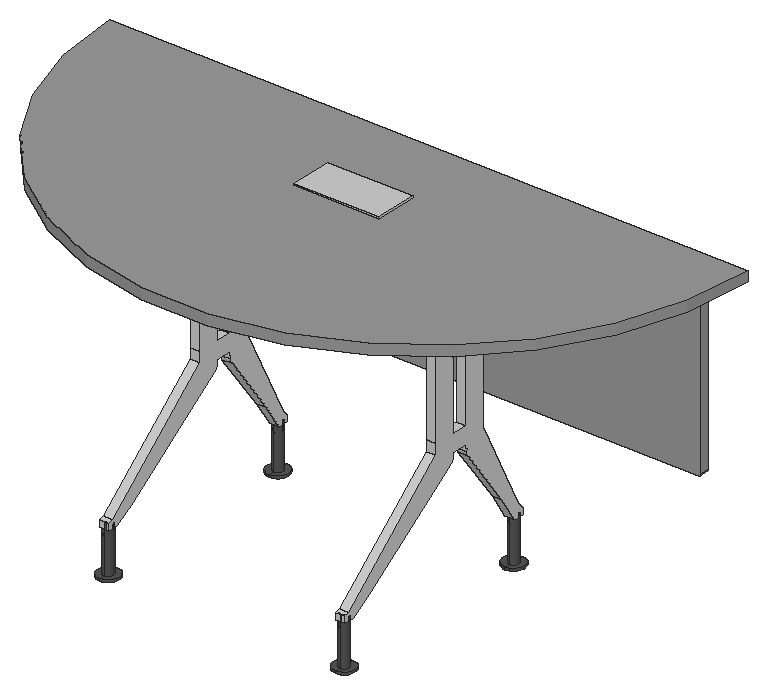
Revit family "Haworth_Planes_TrainingTable_HalfRound_AP_PRELIMINARY", category Furniture, Revit 2019
Family settings
  OmniClass Number = 23.40.70.14.64.21
  OmniClass Title = Systems Furniture
  Work Plane-Based = No
  Always vertical = Yes
  Cut with Voids When Loaded = No
  Shared = No
  Room Calculation Point = No
Parameters (values of type "1500w x 750d")
  With Screen = yes
  Warranty = "http://www.haworth.com/resources/product-info/warranties"
  URL - Product = "https://www.haworth.com/ap/en/products/conference-tables/planes-0.html"
  Trim Finish = Haworth _ Polymer _ Undecided
  Top Finish [instance] = Haworth _ Laminate _ Undecided _ Tables
  Support Finish [instance] = Haworth _ Paint _ Undecided _ Table
  Screen Width = Actual Width - 190 mm  # 1310 mm
  Screen Finish [instance] = Haworth _ Fabric _ Undecided _ Screen
  Model = "WOPLTRF"  # constant formula
  Leg Height = Actual Height - 25 mm  # 715 mm
  Glides = yes
  Flip Top Finish = Haworth _ Paint _ Undecided _ Table
  Flip Top = yes
  Description = "Haworth - Planes - Training Table - Half-Round"  # constant formula
  URL = "https://www.haworth.com/ap/en.html"
  Size = "Verify Final Dim. w/ Haworth"  # constant formula
  Revision Number = "1"  # constant formula
  Manufacturer = "Haworth"  # constant formula
  Casters = not(Glides)  # no
  Caster Finish = Haworth _ Polymer _ Black
  Base Width = 1000 mm  # constant formula
  Author = "Haworth (Abd Rahman)"  # constant formula
  Assembly Code = "E2020200"
  Actual Width = 1500 mm  # constant formula
  Actual Height = 740 mm  # constant formula
  Actual Depth = 750 mm  # constant formula
Reference planes
  plane 1 "Center F/B": y = 0
  plane 2: z = 0
  plane 3 "Top": z = 740
  plane 4: x = 0
  plane 5: z = 715
  plane 6: x = -500
  plane 7: x = 500
  plane 8: y = 375
  plane 9: y = -375
  plane 10: y = -325
  plane 11: x = 300
  plane 12: y = 325
  plane 13: x = -300
  plane 14: y = 102.482
  plane 15: x = 200
  plane 16: x = -200
  plane 17: z = 689.941
  plane 18: x = -750
  plane 19: x = 750
Dimensions and locks
  "Actual Height": plane 3 "Top" to level
  "Base Width": plane 6 to plane 7
  equal spacing: plane 6, plane 4, plane 7
  equal spacing: plane 8, plane 1 "Center F/B", plane 9
  "Actual Depth": plane 8 to plane 9
  locked: plane 3 "Top" to plane 5 at 25
  plane 6 to plane 13 = 200 mm
  plane 11 to plane 7 = 200 mm
  locked: plane 10 to plane 9 at 50
  locked: plane 12 to plane 8 at 50
  locked: plane 1 "Center F/B" to plane 14 at 102.482
  plane 15 to plane 7 = 300 mm
  plane 6 to plane 16 = 300 mm
  locked: plane 5 to plane 17 at 25.059
  "Actual Width": plane 18 to plane 19
  aligned and locked: nested 2 to plane 4
  aligned and locked: plane 1 "Center F/B" to nested 2
  aligned and locked: level to nested 4
  aligned and locked: level to nested 3
  aligned and locked: nested 1 to plane 4
  aligned and locked: plane 8 to nested 1
  aligned and locked: nested 6 to plane 4
  aligned and locked: plane 1 "Center F/B" to nested 4
  aligned and locked: nested 4 to plane 11
  aligned and locked: plane 1 "Center F/B" to nested 3
  aligned and locked: plane 13 to nested 3
  aligned and locked: plane 14 to nested 5
  aligned and locked: nested 6 to plane 14
  aligned and locked: nested 7 to plane 15
  aligned and locked: plane 1 "Center F/B" to nested 7
  aligned and locked: nested 8 to plane 16
  aligned and locked: nested 8 to plane 1 "Center F/B"
  aligned and locked: nested 5 to plane 4
Nested families
  nested 1: "Haworth_Planes_ModestyPanel-PART" at (0, -16, -463.707), Screen Finish <- "Screen Finish", Trim Finish <- "Trim Finish", visible <- "With Screen", type "Modesty Panel"
    with Trim Finish Haworth _ Polymer _ Undecided, Screen Finish Haworth _ Fabric _ Undecided _ Screen, Actual Width 1310 mm
  nested 2: "Haworth_Planes_Top_Training_HalfRound_AP-PART" at (556.859, 72.1, 5), Top Finish <- "Top Finish", type "Training Table - Top"
    with Top Finish Haworth _ Laminate _ Undecided _ Tables, Cascade no
  nested 3: "Haworth_Planes_YLeg_Linear-PART" at (-754, 29.1, 0.293), Support Finish <- "Support Finish", type "Leg"
    with Support Finish Haworth _ Paint _ Undecided _ Table, Glides yes, Casters no
  nested 4: "Haworth_Planes_YLeg_Linear-PART" at (-200, 29.1, 0.293), Support Finish <- "Support Finish", type "Leg"
    with Support Finish Haworth _ Paint _ Undecided _ Table, Glides yes, Casters no
  nested 5: "Haworth_Planes_Beam_Understructure-PART" at (0, 131.582, -25.059), Support Finish <- "Support Finish", type "Beam Understructure"
    with Support Finish Haworth _ Paint _ Undecided _ Table, Actual Width 550 mm
  nested 6: "Haworth-Flip Top" at (-14.487, 151.149, -60), visible <- "Flip Top", type "Flip Top - Visio"
    with Actual Width 200 mm, Actual Depth 100 mm
  nested 7: "Haworth_Planes_DeskUnderstructure-PART" at (200, 29.1, 0), Support Finish <- "Support Finish", type "Desk Understructure"
    with Support Finish Haworth _ Paint _ Undecided _ Table
  nested 8: "Haworth_Planes_DeskUnderstructure-PART" at (-200, 29.1, 0) x (-1, 0, 0) z (0, 0, 1), Support Finish <- "Support Finish", type "Desk Understructure"
    with Support Finish Haworth _ Paint _ Undecided _ Table
Definition of nested family "Haworth_Planes_ModestyPanel-PART"
  Parameters (values of type "Modesty Panel")
    Warranty = "http://www.haworth.com/resources/product-info/warranties"
    URL - Product = "\"Haworth - Planes - Modesty Panel\""
    URL = "https://www.haworth.com/eu/en.html"
    Trim Finish [instance] = none
    Thickness = 32 mm  # constant formula
    Size = "Verify Final Dim. w/ Haworth"  # constant formula
    Screen Finish [instance] = none
    Revision Number = ""
    Model = "Haworth - Planes - Modesty Panel"  # constant formula
    Manufacturer = "Haworth"  # constant formula
    Description = "Haworth - Planes - Modesty Panel"  # constant formula
    Author = "Haworth (Abd Rahman)"  # constant formula
    Assembly Code = ""
    Actual Width = 1300 mm
    Actual Height = 400 mm
    Actual Depth = 20 mm  # constant formula
  Reference planes
    plane 1 "Center F/B": y = 381
    plane 2: z = 0
    plane 3 "Center L/R": x = 0
    plane 4 "Table Front": y = 391
    plane 5 "Table Right": x = 650
    plane 6 "Table Left": x = -650
    plane 7 "Table Back": y = 371
    plane 8: z = 745.582
    plane 9: z = 1145.582
    plane 10: x = 400.779
    plane 11: x = -400.779
    plane 12: z = 1178.707
    plane 13: y = 399.573
  Forms (mm)
    Extrusion 1, solid, material <- "Screen Finish"
      sketch origin (0, 391, 0) x (-1, 0, 0) y (0, 0, 1)
        loop
          line (645, 1145.582) -> (-645, 1145.582)
          arc (-645, 1145.582) -> (-648.536, 1144.118) -> (-650, 1140.582) r 5
          line (-650, 1140.582) -> (-650, 750.582)
          arc (-650, 750.582) -> (-648.536, 747.047) -> (-645, 745.582) r 5
          line (-645, 745.582) -> (645, 745.582)
          arc (645, 745.582) -> (648.536, 747.047) -> (650, 750.582) r 5
          line (650, 750.582) -> (650, 1140.582)
          arc (650, 1140.582) -> (648.536, 1144.118) -> (645, 1145.582) r 5
      from -20 to 0
  Lines and regions (mm)
    Masking region 1
      outline origin (0, 0, 0) x (1, 0, 0) y (0, 1, 0)
        loop
          line (-650, 391) -> (-650, 371) -> (650, 371) -> (650, 391) -> (-650, 391)
  Dimensions and locks
    "Actual Depth": plane 7 "Table Back" to plane 4 "Table Front"
    "Actual Width": plane 6 "Table Left" to plane 5 "Table Right"
    equal spacing: plane 6 "Table Left", plane 3 "Center L/R", plane 5 "Table Right"
    equal spacing: plane 4 "Table Front", plane 1 "Center F/B", plane 7 "Table Back"
    "Actual Height": plane 9 to plane 8
    locked: plane 11 to plane 6 "Table Left" at 249.221
    locked: plane 10 to plane 5 "Table Right" at 249.221
    plane 12 to plane 9 = 33.125 mm
    aligned and locked: Extrusion 1 sketch curve to plane 5 "Table Right"
    aligned and locked: plane 8 to Extrusion 1 sketch curve
    aligned and locked: nested 1 to plane 10
    aligned and locked: nested 2 to plane 11
    aligned and locked: plane 4 "Table Front" to Extrusion 1
    aligned and locked: plane 7 "Table Back" to Extrusion 1
    aligned and locked: plane 12 to nested 1
    aligned and locked: plane 12 to nested 2
    aligned and locked: plane 13 to nested 2
    aligned and locked: plane 13 to nested 1
    aligned and locked: plane 6 "Table Left" to Masking region 1 sketch curve
    aligned and locked: Masking region 1 sketch curve to plane 7 "Table Back"
    aligned and locked: plane 5 "Table Right" to Masking region 1 sketch curve
    aligned and locked: Masking region 1 sketch curve to plane 4 "Table Front"
  Automatic sketch dimensions
    plane 5 "Table Right" to Extrusion 1 sketch curve = 5 mm  (x2)
    Extrusion 1 sketch curve to Extrusion 1 sketch curve = 5 mm  (x2)
    Extrusion 1 sketch curve to plane 6 "Table Left" = 0 mm
    Extrusion 1 sketch curve to plane 9 = 0 mm
  Nested families
    nested 1: "Haworth_Planes_ModestyPanel-FixingKit-PART" at (11.175, 2353.951, 465.107), Trim Finish <- "Trim Finish", type "Fixing Kit"
      with Trim Finish none
    nested 2: "Haworth_Planes_ModestyPanel-FixingKit-PART" at (-790.384, 2353.951, 465.107), Trim Finish <- "Trim Finish", type "Fixing Kit"
      with Trim Finish none
  Definition of nested family "Haworth_Planes_ModestyPanel-FixingKit-PART"
    Parameters (values of type "Fixing Kit")
      Warranty = "http://www.haworth.com/resources/product-info/warranties"
      URL - Product = "https://www.haworth.com/eu/en/products/conference-tables/planes-0.html"
      URL = "https://www.haworth.com/eu/en.html"
      Trim Finish [instance] = none
      Size = "Verify Final Dim. w/ Haworth"  # constant formula
      Revision Number = ""
      Model = "Haworth - Planes - Modesty Panel"  # constant formula
      Manufacturer = "Haworth"  # constant formula
      Description = "Haworth - Planes - Modesty Panel"  # constant formula
      Author = "Haworth (Abd Rahman)"  # constant formula
      Assembly Code = ""
      Actual Width = 60 mm  # constant formula
      Actual Height = 400 mm
      Actual Depth = 80 mm  # constant formula
    Reference planes
      plane 1: z = 0
      plane 2: x = 419.604
      plane 3: x = 359.604
      plane 4: y = -2045.451
      plane 5: y = -1965.451
      plane 6: x = 389.604
      plane 7: y = -2005.451
      plane 8: z = 713.6
      plane 9: z = 646.069
    Forms (mm)
      Extrusion 1, solid, material <- "Trim Finish"
        sketch origin (0, 0, 0) x (1, 0, 0) y (0, 1, 0)
          loop
            line (359.604, -1966.95) -> (359.604, -2043.951) -> (361.104, -2045.451) -> (418.104, -2045.451) -> (419.604, -2043.951) -> (419.604, -1966.95) -> (418.104, -1965.451) -> (400.162, -1965.451) -> (400.162, -1990.429) -> (379.046, -1990.429) -> (379.046, -1965.451) -> (361.104, -1965.451) -> (359.604, -1966.95)
        from 694.159 to 713.6
      Extrusion 2, solid, material <- "Trim Finish"
        sketch origin (0, 0, 0) x (1, 0, 0) y (0, 1, 0)
          loop
            line (382.136, -1955.878) -> (382.136, -1990.429) -> (397.072, -1990.429) -> (397.072, -1955.878) -> (395.572, -1954.378) -> (383.637, -1954.378) -> (382.136, -1955.878)
        from 703.859 to 710.25
      Extrusion 3, solid, material <- "Trim Finish"
        sketch origin (700, 0, 0) x (0, -1, 0) y (0, 0, 1)
          loop
            line (2038.451, 694.159) -> (1970.296, 694.159) -> (1970.296, 683.014)
            arc (1970.296, 683.014) -> (1971.43, 680.646) -> (1973.987, 680.046) r 3.039
            line (1973.987, 680.046) -> (2038.451, 694.159)
        from 283.261 to 337.338
      Extrusion 4, solid, material <- "Trim Finish"
        sketch origin (700, 0, 0) x (0, -1, 0) y (0, 0, 1)
          loop
            arc (1989.867, 673.842) -> (1986.219, 683.857) -> (1977.537, 690.041) r 17.962
            arc (1977.537, 690.041) -> (1969.985, 689.966) -> (1965.918, 683.601) r 7.933
            line (1965.918, 683.601) -> (1965.918, 678.966) -> (1970.296, 678.966) -> (1970.296, 683.343) -> (1976.219, 683.343) -> (1976.219, 678.966) -> (1981.884, 678.966) -> (1981.884, 646.069) -> (1989.867, 646.069) -> (1989.867, 673.842)
        from 280.3 to 340.299
      Extrusion 5, void
        sketch origin (0, 397, 0) x (-1, 0, 0) y (0, 0, 1)
          loop
            line (-413.2, 690.94) -> (-413.2, 669.953) -> (-416.701, 669.953)
            arc (-416.701, 669.953) -> (-418.822, 669.074) -> (-419.7, 666.953) r 3
            line (-419.7, 666.953) -> (-419.7, 649.069)
            arc (-419.7, 649.069) -> (-418.822, 646.947) -> (-416.7, 646.069) r 3
            line (-416.7, 646.069) -> (-362.443, 646.069)
            arc (-362.443, 646.069) -> (-360.322, 646.947) -> (-359.443, 649.069) r 3
            line (-359.443, 649.069) -> (-359.443, 666.982)
            arc (-359.443, 666.982) -> (-360.313, 669.083) -> (-362.413, 669.953) r 2.97
            line (-362.413, 669.953) -> (-365.943, 669.953) -> (-365.943, 690.94) -> (-378.572, 690.94) -> (-378.572, 669.953) -> (-400.572, 669.953) -> (-400.572, 690.94) -> (-413.2, 690.94)
          loop
            line (-354.992, 695.369) -> (-426.878, 695.369) -> (-426.878, 640.369) -> (-354.992, 640.369) -> (-354.992, 695.369)
        from -2414.06 to -2318.616
      Extrusion 6, solid, material <- "Trim Finish"
        sketch origin (0, 0, 0) x (1, 0, 0) y (0, 1, 0)
          loop
            line (400.162, -1990.429) -> (400.162, -1965.451) -> (379.046, -1965.451) -> (379.046, -1990.429) -> (400.162, -1990.429)
        from 694.159 to 707.6
    Cuts and joins
      Extrusion 5 cuts Extrusion 4
      joined: Extrusion 1, Extrusion 2, Extrusion 3, Extrusion 4, Extrusion 6
    Lines and regions (mm)
      Masking region 1
        outline origin (0, 0, 0) x (1, 0, 0) y (0, 1, 0)
          loop
            line (359.604, -1966.95) -> (359.604, -2043.951) -> (361.104, -2045.451) -> (418.104, -2045.451) -> (419.604, -2043.951) -> (419.604, -1966.95) -> (418.104, -1965.451) -> (400.162, -1965.451) -> (400.162, -1990.429) -> (397.072, -1990.429) -> (397.072, -1955.878) -> (395.572, -1954.378) -> (383.637, -1954.378) -> (382.136, -1955.878) -> (382.136, -1990.429) -> (379.046, -1990.429) -> (379.046, -1965.451) -> (361.104, -1965.451) -> (359.604, -1966.95)
    Dimensions and locks
      equal spacing: plane 3, plane 6, plane 2
      "Actual Width": plane 3 to plane 2
      "Actual Depth": plane 4 to plane 5
      equal spacing: plane 4, plane 7, plane 5
    Automatic sketch dimensions
      Extrusion 1 sketch curve to plane 3 = 0 mm
      plane 4 to Extrusion 1 sketch curve = 0 mm
      plane 5 to Extrusion 1 sketch curve = 0 mm  (x2)
      Extrusion 1 sketch curve to plane 2 = 0 mm
      Extrusion 1 sketch curve to plane 3 = 1.5 mm  (x2)
      Extrusion 1 sketch curve to plane 6 = 10.558 mm
      plane 6 to Extrusion 1 sketch curve = 10.558 mm
      plane 2 to Extrusion 1 sketch curve = 1.5 mm  (x2)
      Extrusion 1 sketch curve to plane 4 = 1.5 mm  (x2)
      plane 5 to Extrusion 1 sketch curve = 1.5 mm  (x2)
      Extrusion 2 sketch curve to plane 6 = 7.468 mm
      Extrusion 2 sketch curve to Extrusion 2 sketch curve = 1.5 mm  (x3)
      plane 6 to Extrusion 2 sketch curve = 5.968 mm
      Extrusion 2 sketch curve to plane 5 = 9.573 mm  (x2)
      plane 5 to Extrusion 3 sketch curve = 4.845 mm
      Extrusion 3 sketch curve to Extrusion 3 sketch curve = 3.039 mm
      Extrusion 3 sketch curve to Extrusion 3 sketch curve = 0.652 mm
      Extrusion 3 sketch curve to plane 4 = 7 mm
      Extrusion 3 sketch curve to Extrusion 3 sketch curve = 11.145 mm
      plane 5 to Extrusion 4 sketch curve = 0.468 mm
      Extrusion 4 sketch curve to Extrusion 4 sketch curve = 4.378 mm
      Extrusion 4 sketch curve to Extrusion 4 sketch curve = 1.629 mm
      Extrusion 4 sketch curve to Extrusion 4 sketch curve = 3.535 mm
      Extrusion 4 sketch curve to Extrusion 4 sketch curve = 2.388 mm
      plane 5 to Extrusion 4 sketch curve = 16.433 mm
      Extrusion 4 sketch curve to Extrusion 4 sketch curve = 7.983 mm
      Extrusion 4 sketch curve to Extrusion 4 sketch curve = 26.91 mm
      Extrusion 4 sketch curve to Extrusion 4 sketch curve = 0.864 mm
      Extrusion 4 sketch curve to Extrusion 4 sketch curve = 5.987 mm  (x2)
      Extrusion 4 sketch curve to Extrusion 4 sketch curve = 4.062 mm
      Extrusion 4 sketch curve to Extrusion 4 sketch curve = 0.316 mm
      Extrusion 4 sketch curve to Extrusion 4 sketch curve = 0.258 mm
      Extrusion 5 sketch curve to plane 2 = 7.274 mm
      Extrusion 5 sketch curve to plane 2 = 0.096 mm
      plane 2 to Extrusion 5 sketch curve = 2.904 mm  (x2)
      Extrusion 5 sketch curve to Extrusion 5 sketch curve = 3.5 mm
      plane 6 to Extrusion 5 sketch curve = 10.967 mm
      Extrusion 5 sketch curve to plane 6 = 11.033 mm
      Extrusion 5 sketch curve to plane 3 = 6.339 mm
      Extrusion 5 sketch curve to plane 3 = 2.839 mm
      Extrusion 5 sketch curve to plane 3 = 2.809 mm
      plane 3 to Extrusion 5 sketch curve = 0.161 mm
      plane 3 to Extrusion 5 sketch curve = 4.613 mm
      Extrusion 5 sketch curve to Extrusion 5 sketch curve = 5.7 mm
      Extrusion 5 sketch curve to Extrusion 5 sketch curve = 17.884 mm
      Extrusion 5 sketch curve to Extrusion 5 sketch curve = 17.914 mm
      Extrusion 5 sketch curve to Extrusion 5 sketch curve = 0 mm
      Extrusion 5 sketch curve to Extrusion 5 sketch curve = 20.987 mm  (x2)
      Extrusion 5 sketch curve to Extrusion 5 sketch curve = 4.429 mm
      plane 5 to Extrusion 6 sketch curve = 0 mm
      Extrusion 6 sketch curve to plane 6 = 10.558 mm
      plane 6 to Extrusion 6 sketch curve = 10.558 mm
      Extrusion 1 sketch curve to Extrusion 1 sketch curve = 24.978 mm
      plane 5 to Extrusion 2 sketch curve = 24.978 mm
      plane 5 to Extrusion 6 sketch curve = 24.978 mm
      level to Extrusion 3 sketch curve = 680.046 mm
      level to Extrusion 4 sketch curve = 646.069 mm
      level to Extrusion 5 sketch curve = 640.369 mm
      Masking region 1 sketch curve to plane 3 = 0 mm
      plane 4 to Masking region 1 sketch curve = 0 mm
      plane 5 to Masking region 1 sketch curve = 0 mm  (x2)
      Masking region 1 sketch curve to plane 2 = 0 mm
      Masking region 1 sketch curve to plane 3 = 1.5 mm  (x2)
      Masking region 1 sketch curve to plane 6 = 10.558 mm
      plane 6 to Masking region 1 sketch curve = 10.558 mm
      plane 2 to Masking region 1 sketch curve = 1.5 mm  (x2)
      Masking region 1 sketch curve to plane 4 = 1.5 mm  (x2)
      plane 7 to Masking region 1 sketch curve = 15.022 mm  (x2)
      plane 5 to Masking region 1 sketch curve = 1.5 mm  (x2)
      Masking region 1 sketch curve to Masking region 1 sketch curve = 3.09 mm  (x2)
      Masking region 1 sketch curve to plane 5 = 9.573 mm
      Masking region 1 sketch curve to Masking region 1 sketch curve = 1.5 mm  (x3)
      plane 6 to Masking region 1 sketch curve = 5.968 mm
Definition of nested family "Haworth_Planes_Top_Training_HalfRound_AP-PART"
  Parameters (values of type "Training Table - Top")
    Warranty = "http://www.haworth.com/resources/product-info/warranties"
    URL - Product = ""
    URL = ""
    Top Finish [instance] = none
    Thickness = 25 mm
    Squared Corners = yes
    Size = "Verify Final Dim. w/ Haworth"  # constant formula
    Revision Number = "1"  # constant formula
    Model = ""
    Manufacturer = "Haworth"  # constant formula
    Description = ""
    Cascade = yes
    Author = "Haworth (Abd Rahman)"  # constant formula
    Assembly Code = "E2020200"
    Actual Width = 1500 mm
    Actual Mounting Height = 450 mm
    Actual Depth = 750 mm
  Reference planes
    plane 1: z = -5
    plane 2: x = -1306.859
    plane 3: x = 193.141
    plane 4: x = -556.859
    plane 5: y = 302.9
    plane 6: y = -447.1
    plane 7: y = -72.1
    plane 8: z = 735
    plane 9: z = 710
    plane 10: x = 180.141
    plane 11: x = -1293.859
    plane 12: y = 289.9
    plane 13: y = -434.1
    plane 14: z = 725.685
  Forms (mm)
    Extrusion 1, solid, material <- "Top Finish", visible <- "Squared Corners"
      sketch origin (0, 0, -5) x (1, 0, 0) y (0, 1, 0)
        loop
          arc (-1306.859, 302.9) -> (-556.859, -447.1) -> (193.141, 302.9) r 750
          line (193.141, 302.9) -> (-1306.859, 302.9)
      from 715 to 740
    Blend 2, solid, material <- "Top Finish", visible <- "Cascade"
      base sketch origin (0, 0, -5) x (1, 0, 0) y (0, 1, 0)
        loop
          arc (-1293.745, 289.9) -> (-556.859, -434.1) -> (180.026, 289.9) r 737
          line (180.026, 289.9) -> (-1293.745, 289.9)
      top sketch origin (0, 0, -5) x (1, 0, 0) y (0, 1, 0)
        loop
          arc (-1306.859, 302.9) -> (-556.859, -447.1) -> (193.141, 302.9) r 750
          line (193.141, 302.9) -> (-1306.859, 302.9)
      from 715 to 730.685
    Extrusion 3, solid, material <- "Top Finish", visible <- "Cascade"
      sketch origin (0, 0, -5) x (1, 0, 0) y (0, 1, 0)
        loop
          arc (-1306.859, 302.9) -> (-556.859, -447.1) -> (193.141, 302.9) r 750
          line (193.141, 302.9) -> (-1306.859, 302.9)
      from 730.685 to 740
  Cuts and joins
    joined: Blend 2, Extrusion 3
  Lines and regions (mm)
    Masking region 1
      outline origin (0, 0, -5) x (1, 0, 0) y (0, 1, 0)
        loop
          arc (-1306.859, 302.9) -> (-556.859, -447.1) -> (193.141, 302.9) r 750
          line (193.141, 302.9) -> (-1306.859, 302.9)
  Dimensions and locks
    equal spacing: plane 2, plane 4, plane 3
    equal spacing: plane 6, plane 7, plane 5
    "Actual Width": plane 2 to plane 3
    "Actual Depth": plane 6 to plane 5
    plane 2 to plane 11 = 13 mm
    plane 10 to plane 3 = 13 mm
    plane 12 to plane 5 = 13 mm
    plane 6 to plane 13 = 13 mm
    plane 8 to plane 14 to plane 9 = 9.315 mm locked, 15.685 mm locked
    aligned and locked: level to plane 1
    aligned and locked: plane 5 to Extrusion 1 sketch curve
    aligned and locked: plane 8 to Extrusion 1
    aligned and locked: Extrusion 1 to plane 9
    aligned and locked: plane 5 to Blend 2 sketch curve
    aligned and locked: Blend 2 sketch curve to plane 12
    aligned and locked: Blend 2 to plane 9
    aligned and locked: plane 14 to Blend 2
    aligned and locked: plane 5 to Extrusion 3 sketch curve
    aligned and locked: plane 8 to Extrusion 3
    aligned and locked: Extrusion 3 to plane 14
    aligned and locked: plane 5 to Masking region 1 sketch curve
  Automatic sketch dimensions
    Extrusion 1 sketch curve to plane 4 = 0 mm
    Extrusion 1 sketch curve to plane 2 = 0 mm
    Masking region 1 sketch curve to plane 4 = 0 mm
    Masking region 1 sketch curve to plane 2 = 0 mm
    Extrusion 3 sketch curve to plane 4 = 0 mm
    Extrusion 3 sketch curve to plane 2 = 0 mm
    Blend 2 sketch curve to plane 4 = 0 mm  (x2)
    Blend 2 sketch curve to plane 2 = 0 mm
    plane 10 to Blend 2 sketch curve = 0.115 mm
    plane 5 to Blend 2 sketch curve = 0 mm
Definition of nested family "Haworth_Planes_YLeg_Linear-PART"
  Parameters (values of type "Leg")
    Support Finish [instance] = none
    Leg Height = 715 mm
    Glides = no
    Casters = yes
    Caster Finish = none
    Assembly Code = ""
    Actual Width = 46 mm  # constant formula
    Actual Depth = 615 mm  # constant formula
  Reference planes
    plane 1 "Center (Front/Back)": y = -29.1
    plane 2: z = 0
    plane 3: x = 0
    plane 4 "Bottom of Top": z = 715
    plane 5: x = 500
    plane 6: y = -336.6
    plane 7: y = 278.4
    plane 8: x = 454
    plane 9: x = 478.436
    plane 10: y = 73.381
  Forms (mm)
    Extrusion 1, solid, material <- "Support Finish"
      sketch origin (0, 0, 0) x (0, 1, 0) y (0, 0, 1)
        loop
          line (141.775, 362.671) -> (141.775, 711.5) -> (138.276, 715) -> (95.4, 715) -> (91.901, 711.5) -> (91.901, 710) -> (91.902, 362.671) -> (54.861, 362.671) -> (54.862, 711.5) -> (51.363, 715) -> (4.987, 715) -> (4.987, 362.671) -> (4.987, 339.141) -> (-250.67, 120.532) -> (-261.964, 117.447) -> (-261.964, 102.565) -> (-240.287, 102.565) -> (-193.351, 131.527) -> (45.922, 298.707)
          arc (45.922, 298.707) -> (51.055, 304.416) -> (53.083, 311.821) r 16.665
          line (53.083, 311.821) -> (53.463, 322.671) -> (93.069, 322.671) -> (93.517, 307.315)
          arc (93.517, 307.315) -> (94.461, 302.191) -> (96.907, 297.591) r 17.074
          line (96.907, 297.591) -> (198.363, 160.527) -> (235.55, 102.565) -> (257.964, 102.565) -> (257.964, 117.447) -> (245.98, 132.282) -> (141.775, 339.141) -> (141.775, 362.671)
      from 467.621 to 489.832
    Extrusion 2, solid, material <- "Caster Finish"
      sketch origin (0, -0.312, 0) x (1, 0, 0) y (0, 1, 0)
        loop
          circle (477.789, -250.983) r 5.7
      from 61.935 to 87.325
    Extrusion 3, solid, material <- "Caster Finish"
      sketch origin (1.094, 0, 0) x (1, 0, 0) y (0, 1, 0)
        loop
          circle (477.656, -250.983) r 10.981
      from 87.325 to 117.447
    Extrusion 4, solid, material <- "Caster Finish"
      sketch origin (0, 497.653, 0) x (1, 0, 0) y (0, 1, 0)
        loop
          circle (477.789, -250.983) r 5.7
      from 61.935 to 87.325
    Extrusion 5, solid, material <- "Caster Finish"
      sketch origin (1.094, 497.966, 0) x (1, 0, 0) y (0, 1, 0)
        loop
          circle (477.656, -250.983) r 10.981
      from 87.325 to 117.447
    Extrusion 6, solid, material <- "Support Finish", visible <- "Casters"
      sketch origin (0, 0, -8.138) x (1, 0, 0) y (0, 1, 0)
        loop
          line (462.556, -326.656) -> (464.055, -328.156) -> (489.728, -328.156) -> (491.228, -326.656) -> (491.228, -311.934) -> (462.556, -311.934) -> (462.556, -326.656)
      from 40.081 to 44.029
    Extrusion 7, solid, material <- "Caster Finish", visible <- "Casters"
      sketch origin (-201.113, 0, -0.488) x (0, 1, 0) y (0, 0, 1)
        loop
          circle (-272.817, 40.081) r 39.593
      from 685.428 to 702.475
    Extrusion 8, solid, material <- "Support Finish", visible <- "Casters"
      sketch origin (-201.113, 0, -0.488) x (0, 1, 0) y (0, 0, 1)
        loop
          circle (-272.817, 40.081) r 33.398
      from 671.711 to 689.832
    Extrusion 9, solid, material <- "Support Finish", visible <- "Casters"
      sketch origin (0, 497.966, -8.138) x (1, 0, 0) y (0, 1, 0)
        loop
          line (462.556, -326.656) -> (464.055, -328.156) -> (489.728, -328.156) -> (491.228, -326.656) -> (491.228, -311.934) -> (462.556, -311.934) -> (462.556, -326.656)
      from 40.081 to 44.029
    Extrusion 10, solid, material <- "Caster Finish", visible <- "Casters"
      sketch origin (-201.113, 497.966, -0.488) x (0, 1, 0) y (0, 0, 1)
        loop
          circle (-272.817, 40.081) r 39.593
      from 685.428 to 702.475
    Extrusion 11, solid, material <- "Caster Finish", visible <- "Casters"
      sketch origin (-231.113, 497.966, -0.488) x (0, 1, 0) y (0, 0, 1)
        loop
          circle (-272.817, 40.081) r 39.593
      from 685.428 to 702.475
    Extrusion 12, solid, material <- "Support Finish", visible <- "Casters"
      sketch origin (-201.113, 497.966, -0.488) x (0, 1, 0) y (0, 0, 1)
        loop
          circle (-272.817, 40.081) r 33.398
      from 671.711 to 689.832
    Revolve 13, solid, material <- "Caster Finish", visible <- "Glides"
      sketch origin (478.75, 0, 0) x (0, 1, 0) y (0, 0, 1)
        loop
          line (246.829, 114.52) -> (235.716, 114.52) -> (235.716, 4.47) -> (221.429, 4.47) -> (221.429, -0.293) -> (246.829, -0.293) -> (246.829, 114.52)
        axis (246.829, 114.52) -> (246.829, -0.293)
      angle from 0 to 360
    Revolve 14, solid, material <- "Caster Finish", visible <- "Glides"
      sketch origin (478.75, -4.138, 0) x (0, -1, 0) y (0, 0, 1)
        loop
          line (246.829, 114.52) -> (235.716, 114.52) -> (235.716, 4.47) -> (221.429, 4.47) -> (221.429, -0.293) -> (246.829, -0.293) -> (246.829, 114.52)
        axis (246.829, 114.52) -> (246.829, -0.293)
      angle from 0 to 360
    Extrusion 15, solid, material <- "Caster Finish", visible <- "Casters"
      sketch origin (1156.737, 0, -0.488) x (0, 1, 0) y (0, 0, -1)
        loop
          circle (-272.817, -40.081) r 39.593
      from 685.428 to 702.475
  Cuts and joins
    joined: Extrusion 2, Extrusion 3, Extrusion 4, Extrusion 5
  Lines and regions (mm)
    Masking region 1
      outline origin (0, 0, 0) x (1, 0, 0) y (0, 1, 0)
        loop
          line (454, 278.4) -> (454, -336.6) -> (500, -336.6) -> (500, 278.4) -> (454, 278.4)
  Dimensions and locks
    "Leg Height": plane 4 "Bottom of Top" to level
    equal spacing: plane 6, plane 1 "Center (Front/Back)", plane 7
    "Actual Depth": plane 6 to plane 7
    "Actual Width": plane 8 to plane 5
    plane 8 to plane 9 to plane 5 = 24.436 mm, 21.564 mm
    locked: plane 1 "Center (Front/Back)" to plane 10 at 102.482
    aligned and locked: Masking region 1 sketch curve to plane 5
    aligned and locked: plane 7 to Masking region 1 sketch curve
    aligned and locked: plane 8 to Masking region 1 sketch curve
    aligned and locked: Masking region 1 sketch curve to plane 6
    aligned and locked: plane 4 "Bottom of Top" to Extrusion 1  (x2)
    aligned and locked: Extrusion 1 sketch curve to plane 4 "Bottom of Top"  (x2)
  Automatic sketch dimensions
    Extrusion 1 sketch curve to plane 6 = 74.636 mm
    Extrusion 1 sketch curve to Extrusion 1 sketch curve = 11.294 mm
    Extrusion 1 sketch curve to Extrusion 1 sketch curve = 10.383 mm
    Extrusion 1 sketch curve to Extrusion 1 sketch curve = 46.937 mm
    Extrusion 1 sketch curve to plane 1 "Center (Front/Back)" = 34.088 mm
    Extrusion 1 sketch curve to Extrusion 1 sketch curve = 31.441 mm
    Extrusion 1 sketch curve to Extrusion 1 sketch curve = 9.494 mm
    Extrusion 1 sketch curve to Extrusion 1 sketch curve = 46.375 mm
    Extrusion 1 sketch curve to Extrusion 1 sketch curve = 7.161 mm
    Extrusion 1 sketch curve to Extrusion 1 sketch curve = 0.379 mm
    Extrusion 1 sketch curve to Extrusion 1 sketch curve = 1.399 mm
    Extrusion 1 sketch curve to plane 4 "Bottom of Top" = 3.5 mm  (x3)
    Extrusion 1 sketch curve to Extrusion 1 sketch curve = 3.5 mm  (x2)
    Extrusion 1 sketch curve to Extrusion 1 sketch curve = 37.038 mm
    Extrusion 1 sketch curve to Extrusion 1 sketch curve = 37.041 mm
    Extrusion 1 sketch curve to Extrusion 1 sketch curve = 39.606 mm
    Extrusion 1 sketch curve to Extrusion 1 sketch curve = 0.448 mm
    Extrusion 1 sketch curve to Extrusion 1 sketch curve = 3.391 mm
    Extrusion 1 sketch curve to Extrusion 1 sketch curve = 13.676 mm
    Extrusion 1 sketch curve to Extrusion 1 sketch curve = 42.876 mm
    Extrusion 1 sketch curve to Extrusion 1 sketch curve = 49.874 mm
    plane 7 to Extrusion 1 sketch curve = 80.037 mm
    plane 7 to Extrusion 1 sketch curve = 42.85 mm
    Extrusion 1 sketch curve to Extrusion 1 sketch curve = 10.43 mm
    plane 7 to Extrusion 1 sketch curve = 20.435 mm
    Extrusion 1 sketch curve to Extrusion 1 sketch curve = 0 mm  (x4)
    Extrusion 1 sketch curve to Extrusion 1 sketch curve = 23.53 mm  (x2)
    Extrusion 1 sketch curve to Extrusion 1 sketch curve = 40 mm
    Extrusion 1 sketch curve to Extrusion 1 sketch curve = 10.268 mm
    Extrusion 1 sketch curve to Extrusion 1 sketch curve = 10.85 mm
    Extrusion 1 sketch curve to Extrusion 1 sketch curve = 14.858 mm
    Extrusion 1 sketch curve to Extrusion 1 sketch curve = 15.356 mm
    level to Extrusion 1 sketch curve = 160.527 mm
    Extrusion 1 sketch curve to Extrusion 1 sketch curve = 28.244 mm
    level to Extrusion 1 sketch curve = 131.527 mm
    Extrusion 1 sketch curve to Extrusion 1 sketch curve = 10.995 mm
    Extrusion 1 sketch curve to Extrusion 1 sketch curve = 3.085 mm
    Extrusion 1 sketch curve to Extrusion 1 sketch curve = 14.836 mm
    Extrusion 1 sketch curve to Extrusion 1 sketch curve = 17.967 mm
    Extrusion 1 sketch curve to Extrusion 1 sketch curve = 14.882 mm
    Extrusion 1 sketch curve to plane 4 "Bottom of Top" = 5 mm
    Extrusion 2 sketch curve to plane 5 = 22.211 mm
    Extrusion 2 sketch curve to plane 6 = 85.305 mm
    Extrusion 3 sketch curve to plane 5 = 21.25 mm
    Extrusion 3 sketch curve to plane 6 = 85.618 mm
    Extrusion 4 sketch curve to plane 5 = 22.211 mm
    plane 7 to Extrusion 4 sketch curve = 31.729 mm
    Extrusion 5 sketch curve to plane 5 = 21.25 mm
    plane 7 to Extrusion 5 sketch curve = 31.417 mm
    Extrusion 6 sketch curve to plane 5 = 37.444 mm
    Extrusion 6 sketch curve to Extrusion 6 sketch curve = 1.5 mm  (x4)
    Extrusion 6 sketch curve to plane 5 = 10.272 mm
    Extrusion 6 sketch curve to plane 6 = 8.444 mm
    Extrusion 6 sketch curve to Extrusion 6 sketch curve = 14.722 mm
    Extrusion 7 sketch curve to plane 6 = 63.784 mm
    level to Extrusion 7 sketch curve = 39.593 mm
    Extrusion 8 sketch curve to plane 6 = 63.784 mm
    level to Extrusion 8 sketch curve = 39.593 mm
    Extrusion 9 sketch curve to plane 5 = 37.444 mm
    Extrusion 9 sketch curve to Extrusion 9 sketch curve = 1.5 mm  (x4)
    Extrusion 9 sketch curve to plane 5 = 10.272 mm
    plane 7 to Extrusion 9 sketch curve = 108.59 mm
    Extrusion 9 sketch curve to Extrusion 9 sketch curve = 14.722 mm
    plane 7 to Extrusion 10 sketch curve = 53.25 mm
    level to Extrusion 10 sketch curve = 39.593 mm
    plane 7 to Extrusion 11 sketch curve = 53.25 mm
    level to Extrusion 11 sketch curve = 39.593 mm
    plane 7 to Extrusion 12 sketch curve = 53.25 mm
    level to Extrusion 12 sketch curve = 39.593 mm
    Revolve 13 sketch curve to level = 0 mm
    level to Revolve 13 sketch curve = 4.47 mm
    plane 7 to Revolve 13 sketch curve = 56.971 mm
    plane 7 to Revolve 13 sketch curve = 42.684 mm
    Revolve 13 sketch curve to Revolve 13 sketch curve = 11.113 mm
    Revolve 13 sketch curve to level = 0.293 mm
    Revolve 13 sketch curve to Revolve 13 sketch curve = 110.05 mm
    Revolve 13 sketch curve to Revolve 13 sketch curve = 0 mm
    Revolve 13 sketch curve to Revolve 13 sketch curve = 0.22 mm
    Revolve 14 sketch curve to level = 0 mm
    Revolve 14 sketch curve to level = 4.47 mm
    plane 6 to Revolve 14 sketch curve = 111.034 mm
    plane 6 to Revolve 14 sketch curve = 96.746 mm
    Revolve 14 sketch curve to Revolve 14 sketch curve = 11.113 mm
    level to Revolve 14 sketch curve = 0.293 mm
    Revolve 14 sketch curve to Revolve 14 sketch curve = 110.05 mm
    Revolve 14 sketch curve to Revolve 14 sketch curve = 0 mm
    Revolve 14 sketch curve to Revolve 14 sketch curve = 0.22 mm
    Extrusion 15 sketch curve to plane 6 = 63.784 mm
    level to Extrusion 15 sketch curve = 39.593 mm
    Extrusion 1 sketch curve to Extrusion 1 sketch curve = 137.064 mm
    radius of Extrusion 2 sketch curve = 5.7 mm
    radius of Extrusion 3 sketch curve = 10.981 mm
    radius of Extrusion 4 sketch curve = 5.7 mm
    radius of Extrusion 5 sketch curve = 10.981 mm
    radius of Extrusion 7 sketch curve = 39.593 mm
    radius of Extrusion 8 sketch curve = 33.398 mm
    radius of Extrusion 10 sketch curve = 39.593 mm
    radius of Extrusion 11 sketch curve = 39.593 mm
    radius of Extrusion 12 sketch curve = 33.398 mm
    radius of Extrusion 15 sketch curve = 39.593 mm
Definition of nested family "Haworth_Planes_Beam_Understructure-PART"
  Parameters (values of type "Beam Understructure")
    Support Finish [instance] = none
    Assembly Code = ""
    Actual Width = 1400 mm
    Actual Depth = 133 mm  # constant formula
  Reference planes
    plane 1 "Center (Front/Back)": y = -29.1
    plane 2: z = 0
    plane 3 "Center (Left/Right)": x = 0
    plane 4: z = 715
    plane 5: x = -700
    plane 6: x = 700
    plane 7: z = 635
    plane 8: y = 37.4
    plane 9: y = -95.6
  Forms (mm)
    Extrusion 1, solid, material <- "Support Finish"
      sketch origin (0, -102.4, 16.467) x (0, 1, 0) y (0, 0, 1)
        loop
          arc (110.838, 646.415) -> (111.458, 647.913) -> (112.956, 648.533) r 2.118
          line (112.956, 648.533) -> (131.591, 648.533)
          arc (131.591, 648.533) -> (137.423, 650.949) -> (139.838, 656.78) r 8.247
          line (139.838, 656.78) -> (139.838, 689.631)
          arc (139.838, 689.631) -> (137.231, 695.926) -> (130.936, 698.533) r 8.902
          line (130.936, 698.533) -> (121.938, 698.533)
          arc (121.938, 698.533) -> (120.453, 697.918) -> (119.838, 696.433) r 2.1
          line (119.838, 696.433) -> (119.838, 652.533) -> (118.839, 651.533) -> (112.838, 651.533)
          arc (112.838, 651.533) -> (109.302, 650.069) -> (107.838, 646.533) r 5
          line (107.838, 646.533) -> (107.838, 623.698)
          arc (107.838, 623.698) -> (107.204, 622.167) -> (105.674, 621.533) r 2.164
          line (105.674, 621.533) -> (40.925, 621.533)
          arc (40.925, 621.533) -> (39.449, 622.145) -> (38.838, 623.621) r 2.088
          line (38.838, 623.621) -> (38.838, 646.533)
          arc (38.838, 646.533) -> (37.373, 650.069) -> (33.838, 651.533) r 5
          line (33.838, 651.533) -> (27.838, 651.533) -> (26.838, 652.533) -> (26.838, 696.483)
          arc (26.838, 696.483) -> (26.238, 697.933) -> (24.789, 698.533) r 2.05
          line (24.789, 698.533) -> (15.348, 698.533)
          arc (15.348, 698.533) -> (9.331, 696.041) -> (6.838, 690.024) r 8.509
          line (6.838, 690.024) -> (6.838, 656.933)
          arc (6.838, 656.933) -> (9.299, 650.993) -> (15.239, 648.533) r 8.4
          line (15.239, 648.533) -> (33.79, 648.533)
          arc (33.79, 648.533) -> (35.238, 647.933) -> (35.838, 646.485) r 2.048
          line (35.838, 646.485) -> (35.838, 623.876)
          arc (35.838, 623.876) -> (37.403, 620.098) -> (41.18, 618.533) r 5.343
          line (41.18, 618.533) -> (105.838, 618.533)
          arc (105.838, 618.533) -> (109.373, 619.997) -> (110.838, 623.533) r 5
          line (110.838, 623.533) -> (110.838, 646.415)
      from -700 to 700
  Lines and regions (mm)
    Masking region 1
      outline origin (0, 0, 0) x (1, 0, 0) y (0, 1, 0)
        loop
          line (-700, 37.4) -> (-700, -95.6) -> (700, -95.6) -> (700, 37.4) -> (-700, 37.4)
  Dimensions and locks
    "Actual Width": plane 5 to plane 6
    equal spacing: plane 5, plane 3 "Center (Left/Right)", plane 6
    plane 7 to plane 4 = 80 mm
    equal spacing: plane 8, plane 1 "Center (Front/Back)", plane 9
    "Actual Depth": plane 8 to plane 9
    locked: plane 4 to plane 7 at 80
    aligned and locked: Extrusion 1 to plane 5
    aligned and locked: plane 6 to Extrusion 1
    aligned and locked: plane 9 to Masking region 1 sketch curve
    aligned and locked: Masking region 1 sketch curve to plane 8
    aligned and locked: Masking region 1 sketch curve to plane 6
    aligned and locked: plane 5 to Masking region 1 sketch curve
  Automatic sketch dimensions
    plane 1 "Center (Front/Back)" to Extrusion 1 sketch curve = 66.461 mm
    Extrusion 1 sketch curve to Extrusion 1 sketch curve = 8.4 mm
    Extrusion 1 sketch curve to Extrusion 1 sketch curve = 8.509 mm
    Extrusion 1 sketch curve to Extrusion 1 sketch curve = 9.441 mm
    Extrusion 1 sketch curve to Extrusion 1 sketch curve = 11.6 mm
    Extrusion 1 sketch curve to Extrusion 1 sketch curve = 1 mm  (x4)
    Extrusion 1 sketch curve to Extrusion 1 sketch curve = 5.952 mm
    Extrusion 1 sketch curve to Extrusion 1 sketch curve = 0.048 mm  (x2)
    Extrusion 1 sketch curve to Extrusion 1 sketch curve = 2.048 mm
    Extrusion 1 sketch curve to Extrusion 1 sketch curve = 3 mm  (x2)
    Extrusion 1 sketch curve to Extrusion 1 sketch curve = 2.088 mm
    Extrusion 1 sketch curve to Extrusion 1 sketch curve = 0.255 mm
    Extrusion 1 sketch curve to Extrusion 1 sketch curve = 64.493 mm
    Extrusion 1 sketch curve to Extrusion 1 sketch curve = 0.164 mm
    Extrusion 1 sketch curve to Extrusion 1 sketch curve = 2 mm  (x2)
    Extrusion 1 sketch curve to Extrusion 1 sketch curve = 0.118 mm  (x2)
    Extrusion 1 sketch curve to Extrusion 1 sketch curve = 6 mm
    Extrusion 1 sketch curve to Extrusion 1 sketch curve = 2.1 mm
    Extrusion 1 sketch curve to Extrusion 1 sketch curve = 8.998 mm
    Extrusion 1 sketch curve to Extrusion 1 sketch curve = 11.753 mm
    Extrusion 1 sketch curve to Extrusion 1 sketch curve = 8.902 mm
    Extrusion 1 sketch curve to plane 4 = 80 mm
    Extrusion 1 sketch curve to Extrusion 1 sketch curve = 2.343 mm
    Extrusion 1 sketch curve to Extrusion 1 sketch curve = 22.882 mm
    Extrusion 1 sketch curve to Extrusion 1 sketch curve = 22.61 mm
    Extrusion 1 sketch curve to plane 4 = 8.902 mm
    Extrusion 1 sketch curve to plane 4 = 8.509 mm
Definition of nested family "Haworth-Flip Top"
  Parameters (values of type "Flip Top - Visio")
    Warranty = ""
    URL - Product = ""
    URL = ""
    Sustainability Info = ""
    Size = "Verify Final Dim. w/ Haworth"  # constant formula
    Single Sided = no
    Single Sided Wide = yes
    Revision Number = ""
    OmniClass Number = ""
    Material Options = ""
    Manufacturer = "Haworth"  # constant formula
    LEED Data = ""
    Flip Top Height = 25 mm
    Flip Top Finish = none
    Double Sided = no
    Double Sided Wide = no
    Author = "SHAPE Environments, LLC"  # constant formula
    Assembly Code = ""
    Actual Width = 500 mm
    Actual Height = 800 mm
    Actual Depth = 110 mm
  Reference planes
    plane 1 "Center F/B": y = 1.333
    plane 2: z = 0
    plane 3 "Center L/R": x = 14.487
    plane 4 "Back": y = 56.333
    plane 5 "Right": x = 264.487
    plane 6 "Front": y = -53.667
    plane 7 "Left": x = -235.513
    plane 8 "Table Height": z = 800
    plane 9: z = 775
  Forms (mm)
    Extrusion 1, solid, material <- "Flip Top Finish"
      sketch origin (0, 0, 800) x (-1, 0, 0) y (0, -1, 0)
        loop
          line (235.513, -56.333) -> (235.513, 53.667) -> (-264.487, 53.667) -> (-264.487, -56.333) -> (235.513, -56.333)
      from 0 to 3.175
    Extrusion 2, solid, material <- "Flip Top Finish"
      sketch origin (0, 0, 800) x (-1, 0, 0) y (0, -1, 0)
        loop
          line (232.338, -51.571) -> (232.338, 48.904) -> (-261.312, 48.904) -> (-261.312, -51.571) -> (232.338, -51.571)
      from 0 to -25
  Cuts and joins
    joined: Extrusion 1, Extrusion 2
  Lines and regions (mm)
    symbolic lines
      curve 1: line (-235.513, 56.333, 800) -> (264.487, 56.333, 800)
      curve 2: line (-235.513, -53.667, 800) -> (-235.513, 56.333, 800)
      curve 3: line (264.487, -53.667, 800) -> (-235.513, -53.667, 800)
      curve 4: line (264.487, 56.333, 800) -> (264.487, -53.667, 800)
  Dimensions and locks
    equal spacing: plane 7 "Left", plane 3 "Center L/R", plane 5 "Right"
    "Actual Width": plane 7 "Left" to plane 5 "Right"
    equal spacing: plane 6 "Front", plane 1 "Center F/B", plane 4 "Back"
    "Actual Depth": plane 4 "Back" to plane 6 "Front"
    plane 7 "Left" to Extrusion 2 sketch curve = 3.175 mm
    plane 4 "Back" to Extrusion 2 sketch curve = 4.762 mm
    Extrusion 2 sketch curve to plane 5 "Right" = 3.175 mm
    Extrusion 2 sketch curve to plane 6 "Front" = 4.763 mm
    "Actual Height": plane 8 "Table Height" to level
    "Flip Top Height": plane 8 "Table Height" to plane 9
    aligned and locked: plane 7 "Left" to Extrusion 1 sketch curve
    aligned and locked: Extrusion 1 sketch curve to plane 4 "Back"
    aligned and locked: Extrusion 1 sketch curve to plane 6 "Front"
    aligned and locked: Extrusion 1 sketch curve to plane 5 "Right"
    aligned and locked: cut or joined group of Extrusion 1, Extrusion 2 to plane 9
  Automatic sketch dimensions
    curve 4 to plane 5 "Right" = 0 mm
    curve 2 to plane 4 "Back" = 0 mm
    curve 2 to plane 7 "Left" = 0 mm
    curve 4 to plane 6 "Front" = 0 mm
Definition of nested family "Haworth_Planes_DeskUnderstructure-PART"
  Parameters (values of type "Desk Understructure")
    Support Finish [instance] = none
    Assembly Code = ""
    Actual Width = 57 mm  # constant formula
    Actual Depth = 615 mm  # constant formula
  Reference planes
    plane 1 "Center (Front/Back)": y = -29.1
    plane 2: z = 0
    plane 3 "Center (Left/Right)": x = 0
    plane 4 "Bottom of Top": z = 715
    plane 5: y = -336.6
    plane 6: y = 278.4
    plane 7: z = 689.941
    plane 8: x = 28.272
    plane 9: x = -28.728
  Forms (mm)
    Extrusion 1, solid, material <- "Support Finish"
      sketch origin (-350, 0.582, 0) x (1, 0, 0) y (0, 1, 0)
        loop
          line (374.412, 101.259) -> (374.412, 252.824)
          arc (374.412, 252.824) -> (349.418, 277.818) -> (324.424, 252.824) r 24.994
          line (324.424, 252.824) -> (324.424, 100.307) -> (324.424, 89.326)
          arc (324.424, 89.326) -> (325.008, 87.918) -> (326.415, 87.335) r 1.991
          line (326.415, 87.335) -> (336.325, 87.335)
          arc (336.325, 87.335) -> (337.807, 86.721) -> (338.421, 85.238) r 2.096
          line (338.421, 85.238) -> (338.421, 61.42)
          arc (338.421, 61.42) -> (337.813, 59.953) -> (336.345, 59.344) r 2.076
          line (336.345, 59.344) -> (326.468, 59.344)
          arc (326.468, 59.344) -> (325.023, 58.746) -> (324.424, 57.301) r 2.043
          line (324.424, 57.301) -> (324.424, -256.126)
          arc (324.424, -256.126) -> (349.418, -281.12) -> (374.412, -256.126) r 24.994
          line (374.412, -256.126) -> (374.412, 57.283)
          arc (374.412, 57.283) -> (373.808, 58.741) -> (372.351, 59.344) r 2.061
          line (372.351, 59.344) -> (362.614, 59.344)
          arc (362.614, 59.344) -> (361.061, 59.988) -> (360.418, 61.541) r 2.197
          line (360.418, 61.541) -> (360.418, 85.206)
          arc (360.418, 85.206) -> (361.041, 86.711) -> (362.546, 87.335) r 2.128
          line (362.546, 87.335) -> (372.405, 87.335)
          arc (372.405, 87.335) -> (373.824, 87.922) -> (374.412, 89.341) r 2.007
          line (374.412, 89.341) -> (374.412, 101.259)
      from 689.941 to 715
    Extrusion 2, solid, material <- "Support Finish"
      sketch origin (-350, 0.582, 0) x (1, 0, 0) y (0, 1, 0)
        loop
          line (377.224, -200.163) -> (374.719, -200.163) -> (375.045, -308.183)
          arc (375.045, -308.183) -> (350.038, -333.38) -> (324.653, -308.565) r 25.197
          line (324.653, -308.565) -> (323.831, -200.184) -> (322.467, -200.184) -> (321.271, -219.708) -> (321.271, -308.163)
          arc (321.271, -308.163) -> (349.846, -336.738) -> (378.421, -308.163) r 28.575
          line (378.421, -308.163) -> (378.421, -219.662) -> (377.224, -200.163)
      from 692.693 to 715
    Extrusion 3, solid, material <- "Support Finish"
      sketch origin (-350, 0.582, 0) x (1, 0, 0) y (0, 1, 0)
        loop
          arc (324.653, -308.565) -> (350.038, -333.38) -> (375.045, -308.183) r 25.197
          line (375.045, -308.183) -> (374.719, -200.184) -> (323.831, -200.184) -> (324.653, -308.565)
      from 692.693 to 695.254
  Cuts and joins
    joined: Extrusion 1, Extrusion 2, Extrusion 3
  Lines and regions (mm)
    Masking region 1
      outline origin (0, 0, 0) x (1, 0, 0) y (0, 1, 0)
        loop
          line (24.413, 101.841) -> (24.413, 253.406)
          arc (24.413, 253.406) -> (-0.581, 278.399) -> (-25.575, 253.406) r 24.994
          line (-25.575, 253.406) -> (-25.575, 100.889) -> (-25.575, 89.908)
          arc (-25.575, 89.908) -> (-24.992, 88.5) -> (-23.584, 87.916) r 1.991
          line (-23.584, 87.916) -> (-13.675, 87.916)
          arc (-13.675, 87.916) -> (-12.192, 87.302) -> (-11.578, 85.82) r 2.096
          line (-11.578, 85.82) -> (-11.578, 62.002)
          arc (-11.578, 62.002) -> (-12.186, 60.534) -> (-13.654, 59.926) r 2.076
          line (-13.654, 59.926) -> (-23.532, 59.926)
          arc (-23.532, 59.926) -> (-24.977, 59.328) -> (-25.575, 57.883) r 2.043
          line (-25.575, 57.883) -> (-25.575, -255.544)
          arc (-25.575, -255.544) -> (-0.581, -280.538) -> (24.413, -255.544) r 24.994
          line (24.413, -255.544) -> (24.413, 57.865)
          arc (24.413, 57.865) -> (23.809, 59.323) -> (22.351, 59.926) r 2.061
          line (22.351, 59.926) -> (12.615, 59.926)
          arc (12.615, 59.926) -> (11.061, 60.57) -> (10.418, 62.123) r 2.197
          line (10.418, 62.123) -> (10.418, 85.788)
          arc (10.418, 85.788) -> (11.041, 87.293) -> (12.546, 87.916) r 2.128
          line (12.546, 87.916) -> (22.406, 87.916)
          arc (22.406, 87.916) -> (23.825, 88.504) -> (24.413, 89.923) r 2.007
          line (24.413, 89.923) -> (24.413, 101.841)
        loop
          arc (-28.728, -307.581) -> (-0.153, -336.156) -> (28.422, -307.581) r 28.575
          line (28.422, -307.581) -> (28.422, -219.08) -> (27.225, -199.581) -> (24.719, -199.581) -> (25.045, -307.601)
          arc (25.045, -307.601) -> (0.039, -332.798) -> (-25.347, -307.983) r 25.197
          line (-25.347, -307.983) -> (-26.168, -199.602) -> (-27.533, -199.602) -> (-28.728, -219.126) -> (-28.728, -307.581)
  Dimensions and locks
    equal spacing: plane 5, plane 1 "Center (Front/Back)", plane 6
    "Actual Depth": plane 5 to plane 6
    locked: plane 4 "Bottom of Top" to plane 7 at 25.059
    plane 9 to plane 3 "Center (Left/Right)" to plane 8 = 28.728 mm, 28.272 mm
    "Actual Width": plane 9 to plane 8
    aligned and locked: plane 4 "Bottom of Top" to cut or joined group of Extrusion 1, Extrusion 2, Extrusion 3  (x2)
  Automatic sketch dimensions
    plane 6 to Extrusion 1 sketch curve = 24.994 mm
    Extrusion 1 sketch curve to Extrusion 1 sketch curve = 1.991 mm
    Extrusion 1 sketch curve to Extrusion 1 sketch curve = 2.043 mm
    Extrusion 1 sketch curve to Extrusion 1 sketch curve = 9.909 mm
    Extrusion 1 sketch curve to Extrusion 1 sketch curve = 9.878 mm
    Extrusion 1 sketch curve to Extrusion 1 sketch curve = 2.076 mm
    Extrusion 1 sketch curve to Extrusion 1 sketch curve = 24.994 mm  (x2)
    Extrusion 1 sketch curve to Extrusion 1 sketch curve = 13.994 mm
    Extrusion 1 sketch curve to Extrusion 1 sketch curve = 2.128 mm
    Extrusion 1 sketch curve to Extrusion 1 sketch curve = 2.197 mm
    Extrusion 1 sketch curve to Extrusion 1 sketch curve = 2.061 mm
    Extrusion 1 sketch curve to Extrusion 1 sketch curve = 2.007 mm
    Extrusion 1 sketch curve to plane 1 "Center (Front/Back)" = 130.942 mm
    Extrusion 1 sketch curve to Extrusion 1 sketch curve = 0.952 mm
    Extrusion 1 sketch curve to Extrusion 1 sketch curve = 11.918 mm
    Extrusion 1 sketch curve to Extrusion 1 sketch curve = 10.982 mm
    Extrusion 1 sketch curve to Extrusion 1 sketch curve = 23.665 mm
    Extrusion 1 sketch curve to Extrusion 1 sketch curve = 0.121 mm
    Extrusion 1 sketch curve to plane 5 = 81.057 mm
    Extrusion 1 sketch curve to Extrusion 1 sketch curve = 0 mm
    Extrusion 2 sketch curve to Extrusion 2 sketch curve = 1.196 mm
    Extrusion 2 sketch curve to Extrusion 2 sketch curve = 1.365 mm
    Extrusion 2 sketch curve to plane 5 = 28.617 mm
    Extrusion 2 sketch curve to Extrusion 2 sketch curve = 3.382 mm
    Extrusion 2 sketch curve to Extrusion 2 sketch curve = 25.193 mm
    Extrusion 2 sketch curve to Extrusion 2 sketch curve = 0.001 mm
    Extrusion 2 sketch curve to Extrusion 2 sketch curve = 3.702 mm
    Extrusion 2 sketch curve to plane 5 = 28.999 mm
    Extrusion 2 sketch curve to Extrusion 2 sketch curve = 2.505 mm
    Extrusion 2 sketch curve to Extrusion 2 sketch curve = 0.02 mm
    Extrusion 2 sketch curve to Extrusion 2 sketch curve = 88.455 mm
    Extrusion 2 sketch curve to Extrusion 2 sketch curve = 0.046 mm
    Extrusion 2 sketch curve to Extrusion 2 sketch curve = 19.524 mm
    Extrusion 2 sketch curve to Extrusion 2 sketch curve = 19.499 mm
    Extrusion 3 sketch curve to plane 5 = 28.617 mm
    Extrusion 3 sketch curve to Extrusion 3 sketch curve = 0.821 mm
    Extrusion 3 sketch curve to Extrusion 3 sketch curve = 25.194 mm
    Extrusion 3 sketch curve to Extrusion 3 sketch curve = 50.888 mm
    Extrusion 3 sketch curve to plane 5 = 28.999 mm
    Extrusion 3 sketch curve to Extrusion 3 sketch curve = 107.999 mm
    Masking region 1 sketch curve to plane 3 "Center (Left/Right)" = 25.575 mm  (x2)
    Masking region 1 sketch curve to Masking region 1 sketch curve = 1.991 mm
    Masking region 1 sketch curve to Masking region 1 sketch curve = 2.043 mm
    Masking region 1 sketch curve to Masking region 1 sketch curve = 9.909 mm
    Masking region 1 sketch curve to Masking region 1 sketch curve = 9.878 mm
    Masking region 1 sketch curve to Masking region 1 sketch curve = 2.096 mm
    Masking region 1 sketch curve to plane 3 "Center (Left/Right)" = 0.581 mm  (x2)
    plane 3 "Center (Left/Right)" to Masking region 1 sketch curve = 10.418 mm
    Masking region 1 sketch curve to Masking region 1 sketch curve = 2.128 mm
    Masking region 1 sketch curve to Masking region 1 sketch curve = 2.197 mm
    Masking region 1 sketch curve to Masking region 1 sketch curve = 2.061 mm
    Masking region 1 sketch curve to Masking region 1 sketch curve = 2.007 mm
    Masking region 1 sketch curve to plane 5 = 81.057 mm
    Masking region 1 sketch curve to plane 1 "Center (Front/Back)" = 86.966 mm
    Masking region 1 sketch curve to Masking region 1 sketch curve = 4.24 mm
    Masking region 1 sketch curve to Masking region 1 sketch curve = 23.665 mm
    Masking region 1 sketch curve to Masking region 1 sketch curve = 23.818 mm
    Masking region 1 sketch curve to Masking region 1 sketch curve = 10.982 mm
    Masking region 1 sketch curve to Masking region 1 sketch curve = 11.918 mm
    plane 6 to Masking region 1 sketch curve = 24.994 mm
    Masking region 1 sketch curve to plane 3 "Center (Left/Right)" = 26.168 mm
    Masking region 1 sketch curve to Masking region 1 sketch curve = 1.365 mm
    Masking region 1 sketch curve to plane 3 "Center (Left/Right)" = 28.728 mm
    Masking region 1 sketch curve to Masking region 1 sketch curve = 3.382 mm
    Masking region 1 sketch curve to plane 3 "Center (Left/Right)" = 0.153 mm
    Masking region 1 sketch curve to Masking region 1 sketch curve = 0.001 mm
    Masking region 1 sketch curve to Masking region 1 sketch curve = 3.702 mm
    Masking region 1 sketch curve to Masking region 1 sketch curve = 3.377 mm
    Masking region 1 sketch curve to Masking region 1 sketch curve = 2.505 mm
    Masking region 1 sketch curve to plane 5 = 29.019 mm
    Masking region 1 sketch curve to Masking region 1 sketch curve = 0.02 mm
    Masking region 1 sketch curve to Masking region 1 sketch curve = 36.417 mm
    Masking region 1 sketch curve to Masking region 1 sketch curve = 36.464 mm
    Masking region 1 sketch curve to Masking region 1 sketch curve = 19.524 mm
    Masking region 1 sketch curve to Masking region 1 sketch curve = 19.499 mm
    Extrusion 1 sketch curve to plane 3 "Center (Left/Right)" = 25.575 mm  (x2)
    Extrusion 2 sketch curve to plane 3 "Center (Left/Right)" = 28.728 mm
    Extrusion 3 sketch curve to plane 3 "Center (Left/Right)" = 26.168 mm
